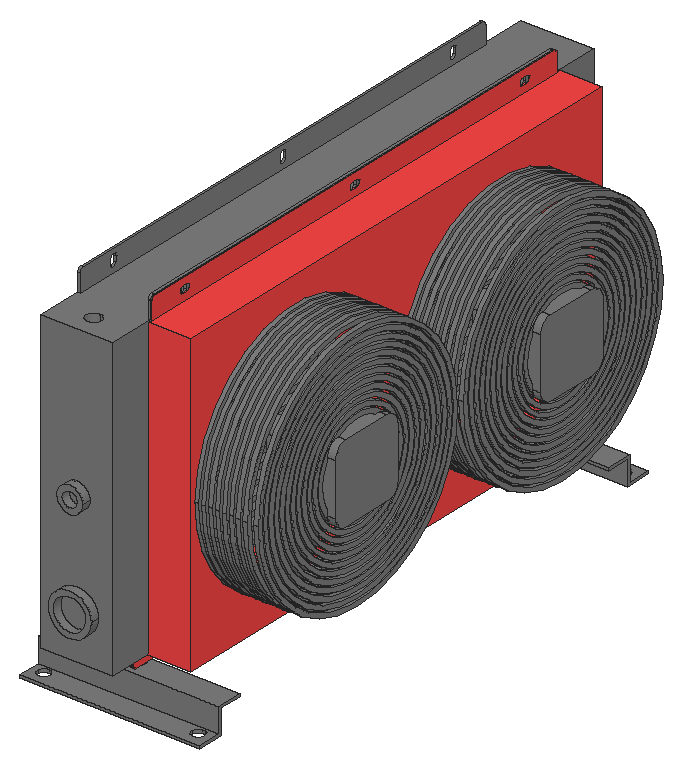
Revit family "MIT-A18Y-01", category Specialty Equipment, Revit 2022
Family settings
  Round Connector Dimension = Use Radius
  Part Type = Normal
  Work Plane-Based = No
  Always vertical = Yes
  Cut with Voids When Loaded = No
  Maintain Annotation Orientation = No
  Shared = No
  Room Calculation Point = No
Parameters
  URL = "https://en.ekinendustriyel.com/fan-driven-oil-coolers"
  Model = "MIT-A18Y-01"
  Manufacturer = "Ekin Endüstriyel"
  Keynote = "Fan Driven Oil Coolers"
  Description = "MIT- Fan Driven Oil Coolers"
  Default Elevation = 0 mm
Reference planes
  plane 1 "Center (Front/Back)": y = 0
  plane 2: z = 0
  plane 3 "Center (Left/Right)": x = 0
Forms (mm)
  Extrusion 1, solid, material "Ekin Endustriyel-S235JR", detail levels medium+fine
    sketch origin (0, -0.99, 0) x (0, 1, 0) y (0, 0, 1)
      loop
        line (350.992, 404.696) -> (-349.008, 404.696) -> (-349.008, 56.696) -> (350.992, 56.696) -> (350.992, 404.696)
      loop
        line (295.992, 390.196) -> (-294.008, 390.196) -> (-294.008, 380.196) -> (295.992, 380.196) -> (295.992, 390.196)
      loop
        line (-294.008, 375.196) -> (-294.008, 365.196) -> (295.992, 365.196) -> (295.992, 375.196) -> (-294.008, 375.196)
      loop
        line (-294.008, 360.196) -> (-294.008, 350.196) -> (295.992, 350.196) -> (295.992, 360.196) -> (-294.008, 360.196)
      loop
        line (-294.008, 345.196) -> (-294.008, 335.196) -> (295.992, 335.196) -> (295.992, 345.196) -> (-294.008, 345.196)
      loop
        line (295.992, 330.196) -> (-294.008, 330.196) -> (-294.008, 320.196) -> (295.992, 320.196) -> (295.992, 330.196)
      loop
        line (-294.008, 315.196) -> (-294.008, 305.196) -> (295.992, 305.196) -> (295.992, 315.196) -> (-294.008, 315.196)
      loop
        line (-294.008, 300.196) -> (-294.008, 290.196) -> (295.992, 290.196) -> (295.992, 300.196) -> (-294.008, 300.196)
      loop
        line (-294.008, 284.196) -> (-294.008, 274.196) -> (295.992, 274.196) -> (295.992, 284.196) -> (-294.008, 284.196)
      loop
        line (295.992, 269.196) -> (-294.008, 269.196) -> (-294.008, 259.196) -> (295.992, 259.196) -> (295.992, 269.196)
      loop
        line (-294.008, 254.196) -> (-294.008, 244.196) -> (295.992, 244.196) -> (295.992, 254.196) -> (-294.008, 254.196)
      loop
        line (-294.008, 239.196) -> (-294.008, 229.196) -> (295.992, 229.196) -> (295.992, 239.196) -> (-294.008, 239.196)
      loop
        line (-294.008, 224.196) -> (-294.008, 214.196) -> (295.992, 214.196) -> (295.992, 224.196) -> (-294.008, 224.196)
      loop
        line (295.992, 209.196) -> (-294.008, 209.196) -> (-294.008, 199.196) -> (295.992, 199.196) -> (295.992, 209.196)
      loop
        line (-294.008, 194.196) -> (-294.008, 184.196) -> (295.992, 184.196) -> (295.992, 194.196) -> (-294.008, 194.196)
      loop
        line (-294.008, 179.196) -> (-294.008, 169.196) -> (295.992, 169.196) -> (295.992, 179.196) -> (-294.008, 179.196)
      loop
        line (-294.008, 164.196) -> (-294.008, 154.196) -> (295.992, 154.196) -> (295.992, 164.196) -> (-294.008, 164.196)
      loop
        line (295.992, 149.196) -> (-294.008, 149.196) -> (-294.008, 139.196) -> (295.992, 139.196) -> (295.992, 149.196)
      loop
        line (-294.008, 134.196) -> (-294.008, 124.196) -> (295.992, 124.196) -> (295.992, 134.196) -> (-294.008, 134.196)
      loop
        line (-294.008, 119.196) -> (-294.008, 109.196) -> (295.992, 109.196) -> (295.992, 119.196) -> (-294.008, 119.196)
      loop
        line (-294.008, 104.196) -> (-294.008, 94.196) -> (295.992, 94.196) -> (295.992, 104.196) -> (-294.008, 104.196)
      loop
        line (295.992, 89.196) -> (-294.008, 89.196) -> (-294.008, 79.196) -> (295.992, 79.196) -> (295.992, 89.196)
      loop
        line (-294.008, 74.196) -> (-294.008, 64.196) -> (295.992, 64.196) -> (295.992, 74.196) -> (-294.008, 74.196)
    from 0 to 85
  Extrusion 2, solid, material "Ekin Endustriyel-S235JR", detail levels medium+fine
    sketch origin (0, 238.02, 106.089) x (1, 0, 0) y (0, 0, 1)
      loop
        circle (42.5, 243.108) r 18.847
      loop
        arc (19.235, 252.26) -> (32.375, 220.25) -> (64.91, 232.027) r 25
        arc (64.91, 232.027) -> (52.625, 265.966) -> (19.235, 252.26) r 25
    from -111.982 to -121.982
  Extrusion 3, solid, material "Ekin Endustriyel-S235JR", detail levels medium+fine
    sketch origin (0, -79.551, 1.514) x (1, 0, 0) y (0, 0, 1)
      loop
        circle (42.5, 109.182) r 18.847
      loop
        circle (42.5, 109.182) r 25
    from 270.447 to 280.447
  Extrusion 4, solid, material "Ekin Endustriyel_S235JR", detail levels medium+fine
    sketch origin (0, 0, 0) x (0, 1, 0) y (0, 0, 1)
      loop
        line (-299.998, 56.696) -> (300.002, 56.696) -> (300.002, 404.696) -> (-299.998, 404.696) -> (-299.998, 56.696)
      loop
        circle (-149.498, 230.696) r 130
      loop
        circle (149.502, 230.696) r 130
    from 85 to 135
  Extrusion 5, solid, material "Ekin Endustriyel_S235JR", detail levels medium+fine
    sketch origin (61.704, 0, 61.923) x (0, 1, 0) y (0, 0, 1)
      loop
        line (-295, 342.774) -> (295, 342.774) -> (295, 362.774)
        arc (295, 362.774) -> (293.536, 366.309) -> (290, 367.774) r 5
        line (290, 367.774) -> (-290, 367.774)
        arc (-290, 367.774) -> (-293.536, 366.309) -> (-295, 362.774) r 5
        line (-295, 362.774) -> (-295, 342.774)
      loop
        arc (-250.5, 359.774) -> (-255, 355.274) -> (-250.5, 350.774) r 4.5
        line (-250.5, 350.774) -> (-244.5, 350.774)
        arc (-244.5, 350.774) -> (-240, 355.274) -> (-244.5, 359.774) r 4.5
        line (-244.5, 359.774) -> (-250.5, 359.774)
      loop
        arc (244.5, 359.774) -> (240, 355.274) -> (244.5, 350.774) r 4.5
        line (244.5, 350.774) -> (250.5, 350.774)
        arc (250.5, 350.774) -> (255, 355.274) -> (250.5, 359.774) r 4.5
        line (250.5, 359.774) -> (244.5, 359.774)
      loop
        arc (-3, 359.774) -> (-7.5, 355.274) -> (-3, 350.774) r 4.5
        line (-3, 350.774) -> (3, 350.774)
        arc (3, 350.774) -> (7.5, 355.274) -> (3, 359.774) r 4.5
        line (3, 359.774) -> (-3, 359.774)
    from 23.296 to 24.796
  Sweep 6, solid, material "Ekin Endustriyel-S235JR", detail levels fine
    path origin (0, 223.927, 0) x (0, -1, 0) y (0, 0, -1)
      loop
        line (-44.575, -28.696) -> (-72.243, -28.696) -> (-72.243, 0.037) -> (-102.308, 0.037)
    profile origin (0, 282.336, 28.696) x (0, 0, 1) y (1, 0, 0)
      loop
        line (0, -42.483) -> (2.995, -42.483) -> (2.995, 167.517) -> (0, 167.517) -> (0, -42.483)
  Extrusion 7, void
    sketch origin (0, 223.882, 0) x (1, 0, 0) y (0, 1, 0)
      loop
        circle (152.491, 86.368) r 7.5
      loop
        circle (-27.5, 86.317) r 7.5
      loop
        circle (62.485, 56.137) r 4.2
      loop
        circle (22.5, 56.12) r 4.25
    from -5.013 to 37.897
  Extrusion 8, solid, material "Ekin Endustriyel-S235JR", detail levels fine
    sketch origin (0, 139.233, 0) x (1, 0, 0) y (0, 0, 1)
      loop
        line (3, 31.691) -> (60, 31.691) -> (60, 56.696) -> (3, 56.696) -> (3, 31.691)
    from -150.769 to -130.769
  Extrusion 9, solid, material "Ekin Endustriyel-S235JR", detail levels coarse
    sketch origin (0, 0, 0) x (0, 1, 0) y (0, 0, 1)
      loop
        line (350.002, 404.696) -> (-349.998, 404.696) -> (-349.998, 56.696) -> (-295, 56.696) -> (-295, 0) -> (295, 0) -> (295, 53.158) -> (350.002, 53.158) -> (350.002, 404.696)
    from 0 to 85
  Extrusion 10, solid, material "Ekin Endustriyel_S235JR", detail levels coarse
    sketch origin (0, 0, 0) x (0, 1, 0) y (0, 0, 1)
      loop
        line (-299.998, 404.696) -> (-299.998, 56.696) -> (300.002, 56.696) -> (300.002, 404.696) -> (-299.998, 404.696)
    from 85 to 132
  Extrusion 11, void
    sketch origin (0, -384.357, 392.206) x (1, 0, 0) y (0, 1, 0)
      loop
        circle (42.5, 59.359) r 8.928
    from -2.01 to 23.771
  Extrusion 12, solid, material "Ekin Endustriyel-S235JR"
    sketch origin (0, 0, 0) x (0, 1, 0) y (0, 0, 1)
      loop
        arc (-179.494, 275.745) -> (-190.1, 271.352) -> (-194.494, 260.745) r 15
        line (-194.494, 260.745) -> (-194.494, 200.736)
        arc (-194.494, 200.736) -> (-190.1, 190.13) -> (-179.494, 185.736) r 15
        line (-179.494, 185.736) -> (-119.552, 185.736)
        arc (-119.552, 185.736) -> (-108.946, 190.13) -> (-104.552, 200.736) r 15
        line (-104.552, 200.736) -> (-104.552, 260.745)
        arc (-104.552, 260.745) -> (-108.946, 271.352) -> (-119.552, 275.745) r 15
        line (-119.552, 275.745) -> (-179.494, 275.745)
      loop
        line (179.494, 275.745) -> (119.552, 275.745)
        arc (119.552, 275.745) -> (108.946, 271.352) -> (104.552, 260.745) r 15
        line (104.552, 260.745) -> (104.552, 200.736)
        arc (104.552, 200.736) -> (108.946, 190.13) -> (119.552, 185.736) r 15
        line (119.552, 185.736) -> (179.494, 185.736)
        arc (179.494, 185.736) -> (190.1, 190.13) -> (194.494, 200.736) r 15
        line (194.494, 200.736) -> (194.494, 260.745)
        arc (194.494, 260.745) -> (190.1, 271.352) -> (179.494, 275.745) r 15
    from 140.096 to 220.006
  Extrusion 13, solid, material "Ekin Endustriyel-S235JR", detail levels fine
    sketch origin (0, 0, 59.372) x (0, 1, 0) y (0, 0, 1)
      loop
        line (295.002, 345.324) -> (295.002, 365.324)
        arc (295.002, 365.324) -> (293.538, 368.86) -> (290.002, 370.324) r 5
        line (290.002, 370.324) -> (-289.998, 370.324)
        arc (-289.998, 370.324) -> (-293.533, 368.86) -> (-294.998, 365.324) r 5
        line (-294.998, 365.324) -> (-294.998, 345.324) -> (295.002, 345.324)
      loop
        line (243.002, 360.824) -> (243.002, 354.824)
        arc (243.002, 354.824) -> (247.502, 350.324) -> (252.002, 354.824) r 4.5
        line (252.002, 354.824) -> (252.002, 360.824)
        arc (252.002, 360.824) -> (247.502, 365.324) -> (243.002, 360.824) r 4.5
      loop
        arc (-4.498, 354.824) -> (0.002, 350.324) -> (4.502, 354.824) r 4.5
        line (4.502, 354.824) -> (4.502, 360.824)
        arc (4.502, 360.824) -> (0.002, 365.324) -> (-4.498, 360.824) r 4.5
        line (-4.498, 360.824) -> (-4.498, 354.824)
      loop
        line (-251.998, 360.824) -> (-251.998, 354.824)
        arc (-251.998, 354.824) -> (-247.498, 350.324) -> (-242.998, 354.824) r 4.5
        line (-242.998, 354.824) -> (-242.998, 360.824)
        arc (-242.998, 360.824) -> (-247.498, 365.324) -> (-251.998, 360.824) r 4.5
    from 0 to 3
  Extrusion 14, solid, material "Ekin Endustriyel-S235JR", detail levels fine
    sketch origin (0, 0, 333.802) x (0, 1, 0) y (0, 0, 1)
      loop
        line (295.002, -277.106) -> (-294.998, -277.106) -> (-294.998, -297.106)
        arc (-294.998, -297.106) -> (-293.533, -300.641) -> (-289.998, -302.106) r 5
        line (-289.998, -302.106) -> (290.002, -302.106)
        arc (290.002, -302.106) -> (293.538, -300.641) -> (295.002, -297.106) r 5
        line (295.002, -297.106) -> (295.002, -277.106)
      loop
        arc (252.002, -286.606) -> (247.502, -282.106) -> (243.002, -286.606) r 4.5
        line (243.002, -286.606) -> (243.002, -292.606)
        arc (243.002, -292.606) -> (247.502, -297.106) -> (252.002, -292.606) r 4.5
        line (252.002, -292.606) -> (252.002, -286.606)
      loop
        arc (-242.998, -286.606) -> (-247.498, -282.106) -> (-251.998, -286.606) r 4.5
        line (-251.998, -286.606) -> (-251.998, -292.606)
        arc (-251.998, -292.606) -> (-247.498, -297.106) -> (-242.998, -292.606) r 4.5
        line (-242.998, -292.606) -> (-242.998, -286.606)
      loop
        arc (4.502, -286.606) -> (0.002, -282.106) -> (-4.498, -286.606) r 4.5
        line (-4.498, -286.606) -> (-4.498, -292.606)
        arc (-4.498, -292.606) -> (0.002, -297.106) -> (4.502, -292.606) r 4.5
        line (4.502, -292.606) -> (4.502, -286.606)
    from 0 to 3
  Extrusion 15, solid, material "Ekin Endustriyel-S235JR", detail levels medium+fine
    sketch origin (-21.526, 0, 0) x (0, 1, 0) y (0, 0, 1)
      loop
        circle (-149.498, 230.602) r 129
      loop
        arc (-25.503, 229.517) -> (-149.06, 354.696) -> (-273.498, 230.394) r 124
        arc (-273.498, 230.394) -> (-149.936, 106.697) -> (-25.503, 229.517) r 124
      loop
        arc (-17.505, 232.077) -> (-150.361, 362.694) -> (-281.497, 230.351) r 132
        arc (-281.497, 230.351) -> (-148.635, 98.699) -> (-17.505, 232.077) r 132
      loop
        arc (-28.507, 229.238) -> (-147.843, 351.685) -> (-270.484, 232.547) r 121
        arc (-270.484, 232.547) -> (-151.152, 109.708) -> (-28.507, 229.238) r 121
      loop
        arc (-33.503, 229.565) -> (-148.882, 346.695) -> (-265.498, 230.798) r 116
        arc (-265.498, 230.798) -> (-150.114, 114.698) -> (-33.503, 229.565) r 116
      loop
        arc (-12.5, 231.448) -> (-150.061, 367.695) -> (-286.497, 230.321) r 137
        arc (-286.497, 230.321) -> (-148.934, 93.698) -> (-12.5, 231.448) r 137
      loop
        circle (-149.497, 230.653) r 140
      loop
        arc (-36.502, 231.672) -> (-149.113, 343.696) -> (-262.484, 232.443) r 113
        arc (-262.484, 232.443) -> (-149.883, 117.697) -> (-36.502, 231.672) r 113
      loop
        arc (-4.502, 231.787) -> (-149.177, 375.696) -> (-294.488, 232.428) r 145
        arc (-294.488, 232.428) -> (-149.818, 85.697) -> (-4.502, 231.787) r 145
      loop
        arc (-41.521, 232.925) -> (-149.881, 338.696) -> (-257.488, 232.159) r 108
        arc (-257.488, 232.159) -> (-149.115, 122.697) -> (-41.521, 232.925) r 108
      loop
        arc (-44.571, 234.606) -> (-151.593, 335.676) -> (-254.498, 230.417) r 105
        arc (-254.498, 230.417) -> (-147.403, 125.717) -> (-44.571, 234.606) r 105
      loop
        arc (-49.517, 232.635) -> (-150.782, 330.688) -> (-249.496, 230.067) r 100
        arc (-249.496, 230.067) -> (-148.213, 130.705) -> (-49.517, 232.635) r 100
      loop
        arc (-52.508, 232.081) -> (-149.983, 327.695) -> (-246.497, 231.11) r 97
        arc (-246.497, 231.11) -> (-149.012, 133.698) -> (-52.508, 232.081) r 97
      loop
        arc (-57.507, 231.972) -> (-150.113, 322.694) -> (-241.498, 230.743) r 92
        arc (-241.498, 230.743) -> (-148.883, 138.698) -> (-57.507, 231.972) r 92
      loop
        arc (-60.501, 231.382) -> (-149.434, 319.696) -> (-238.494, 231.51) r 89
        arc (-238.494, 231.51) -> (-149.562, 141.696) -> (-60.501, 231.382) r 89
      loop
        arc (-65.536, 233.213) -> (-149.194, 314.696) -> (-233.44, 233.821) r 84
        arc (-233.44, 233.821) -> (-149.802, 146.697) -> (-65.536, 233.213) r 84
      loop
        arc (-68.505, 231.788) -> (-149.849, 311.696) -> (-230.497, 231.086) r 81
        arc (-230.497, 231.086) -> (-149.147, 149.697) -> (-68.505, 231.788) r 81
      loop
        arc (-73.5, 231.279) -> (-148.488, 306.69) -> (-225.453, 233.299) r 76
        arc (-225.453, 233.299) -> (-150.508, 154.703) -> (-73.5, 231.279) r 76
      loop
        arc (-76.5, 231.21) -> (-148.45, 303.689) -> (-222.451, 233.305) r 73
        arc (-222.451, 233.305) -> (-150.546, 157.704) -> (-76.5, 231.21) r 73
      loop
        arc (-81.51, 229.421) -> (-148.851, 298.693) -> (-217.498, 230.714) r 68
        arc (-217.498, 230.714) -> (-150.144, 162.699) -> (-81.51, 229.421) r 68
      loop
        arc (-84.508, 229.548) -> (-149.494, 295.696) -> (-214.488, 229.556) r 65
        arc (-214.488, 229.556) -> (-149.502, 165.696) -> (-84.508, 229.548) r 65
      loop
        arc (-89.528, 228.788) -> (-148.564, 290.689) -> (-209.498, 230.656) r 60
        arc (-209.498, 230.656) -> (-150.432, 170.704) -> (-89.528, 228.788) r 60
      loop
        arc (-92.498, 230.559) -> (-148.341, 287.685) -> (-206.456, 232.873) r 57
        arc (-206.456, 232.873) -> (-150.655, 173.708) -> (-92.498, 230.559) r 57
      loop
        arc (-97.517, 229.303) -> (-147.89, 282.672) -> (-201.466, 232.518) r 52
        arc (-201.466, 232.518) -> (-151.105, 178.721) -> (-97.517, 229.303) r 52
      loop
        circle (149.498, 230.602) r 129
      loop
        arc (25.503, 229.517) -> (149.936, 106.697) -> (273.498, 230.394) r 124
        arc (273.498, 230.394) -> (149.06, 354.696) -> (25.503, 229.517) r 124
      loop
        arc (17.505, 232.077) -> (148.635, 98.699) -> (281.497, 230.351) r 132
        arc (281.497, 230.351) -> (150.361, 362.694) -> (17.505, 232.077) r 132
      loop
        arc (28.507, 229.238) -> (151.152, 109.708) -> (270.484, 232.547) r 121
        arc (270.484, 232.547) -> (147.843, 351.685) -> (28.507, 229.238) r 121
      loop
        arc (33.503, 229.565) -> (150.114, 114.698) -> (265.498, 230.798) r 116
        arc (265.498, 230.798) -> (148.882, 346.695) -> (33.503, 229.565) r 116
      loop
        arc (12.5, 231.448) -> (148.934, 93.698) -> (286.497, 230.321) r 137
        arc (286.497, 230.321) -> (150.061, 367.695) -> (12.5, 231.448) r 137
      loop
        circle (149.497, 230.653) r 140
      loop
        arc (36.502, 231.672) -> (149.883, 117.697) -> (262.484, 232.443) r 113
        arc (262.484, 232.443) -> (149.113, 343.696) -> (36.502, 231.672) r 113
      loop
        arc (4.502, 231.787) -> (149.818, 85.697) -> (294.488, 232.428) r 145
        arc (294.488, 232.428) -> (149.177, 375.696) -> (4.502, 231.787) r 145
      loop
        arc (41.521, 232.925) -> (149.115, 122.697) -> (257.488, 232.159) r 108
        arc (257.488, 232.159) -> (149.881, 338.696) -> (41.521, 232.925) r 108
      loop
        arc (44.571, 234.606) -> (147.403, 125.717) -> (254.498, 230.417) r 105
        arc (254.498, 230.417) -> (151.593, 335.676) -> (44.571, 234.606) r 105
      loop
        arc (49.517, 232.635) -> (148.213, 130.705) -> (249.496, 230.067) r 100
        arc (249.496, 230.067) -> (150.782, 330.688) -> (49.517, 232.635) r 100
      loop
        arc (52.508, 232.081) -> (149.012, 133.698) -> (246.497, 231.11) r 97
        arc (246.497, 231.11) -> (149.983, 327.695) -> (52.508, 232.081) r 97
      loop
        arc (57.507, 231.972) -> (148.883, 138.698) -> (241.498, 230.743) r 92
        arc (241.498, 230.743) -> (150.113, 322.694) -> (57.507, 231.972) r 92
      loop
        arc (60.501, 231.382) -> (149.562, 141.696) -> (238.494, 231.51) r 89
        arc (238.494, 231.51) -> (149.434, 319.696) -> (60.501, 231.382) r 89
      loop
        arc (65.536, 233.213) -> (149.802, 146.697) -> (233.44, 233.821) r 84
        arc (233.44, 233.821) -> (149.194, 314.696) -> (65.536, 233.213) r 84
      loop
        arc (68.505, 231.788) -> (149.147, 149.697) -> (230.497, 231.086) r 81
        arc (230.497, 231.086) -> (149.849, 311.696) -> (68.505, 231.788) r 81
      loop
        arc (73.5, 231.279) -> (150.508, 154.703) -> (225.453, 233.299) r 76
        arc (225.453, 233.299) -> (148.488, 306.69) -> (73.5, 231.279) r 76
      loop
        arc (76.5, 231.21) -> (150.546, 157.704) -> (222.451, 233.305) r 73
        arc (222.451, 233.305) -> (148.45, 303.689) -> (76.5, 231.21) r 73
      loop
        arc (81.51, 229.421) -> (150.144, 162.699) -> (217.498, 230.714) r 68
        arc (217.498, 230.714) -> (148.851, 298.693) -> (81.51, 229.421) r 68
      loop
        arc (84.508, 229.548) -> (149.502, 165.696) -> (214.488, 229.556) r 65
        arc (214.488, 229.556) -> (149.494, 295.696) -> (84.508, 229.548) r 65
      loop
        arc (89.528, 228.788) -> (150.432, 170.704) -> (209.498, 230.656) r 60
        arc (209.498, 230.656) -> (148.564, 290.689) -> (89.528, 228.788) r 60
      loop
        arc (92.498, 230.559) -> (150.655, 173.708) -> (206.456, 232.873) r 57
        arc (206.456, 232.873) -> (148.341, 287.685) -> (92.498, 230.559) r 57
      loop
        arc (97.517, 229.303) -> (151.105, 178.721) -> (201.466, 232.518) r 52
        arc (201.466, 232.518) -> (147.89, 282.672) -> (97.517, 229.303) r 52
    from 226.399 to 231.318
  Extrusion 16, solid, material "Ekin Endustriyel-S235JR", detail levels coarse
    sketch origin (0, 0, 0) x (0, 1, 0) y (0, 0, 1)
      loop
        circle (-149.498, 230.696) r 145
      loop
        circle (149.498, 230.696) r 145
    from 132 to 220.006
  Extrusion 17, solid, material "Ekin Endustriyel-S235JR", detail levels fine
    sketch origin (60, 0, 59.372) x (0, 1, 0) y (0, 0, 1)
      loop
        line (295.002, 345.324) -> (295.002, 365.324)
        arc (295.002, 365.324) -> (293.538, 368.86) -> (290.002, 370.324) r 5
        line (290.002, 370.324) -> (-289.998, 370.324)
        arc (-289.998, 370.324) -> (-293.533, 368.86) -> (-294.998, 365.324) r 5
        line (-294.998, 365.324) -> (-294.998, 345.324) -> (295.002, 345.324)
      loop
        line (243.002, 360.824) -> (243.002, 354.824)
        arc (243.002, 354.824) -> (247.502, 350.324) -> (252.002, 354.824) r 4.5
        line (252.002, 354.824) -> (252.002, 360.824)
        arc (252.002, 360.824) -> (247.502, 365.324) -> (243.002, 360.824) r 4.5
      loop
        arc (-4.498, 354.824) -> (0.002, 350.324) -> (4.502, 354.824) r 4.5
        line (4.502, 354.824) -> (4.502, 360.824)
        arc (4.502, 360.824) -> (0.002, 365.324) -> (-4.498, 360.824) r 4.5
        line (-4.498, 360.824) -> (-4.498, 354.824)
      loop
        line (-251.998, 360.824) -> (-251.998, 354.824)
        arc (-251.998, 354.824) -> (-247.498, 350.324) -> (-242.998, 354.824) r 4.5
        line (-242.998, 354.824) -> (-242.998, 360.824)
        arc (-242.998, 360.824) -> (-247.498, 365.324) -> (-251.998, 360.824) r 4.5
    from 22 to 25
  Extrusion 18, solid, material "Ekin Endustriyel-S235JR", detail levels fine
    sketch origin (60, 0, 333.802) x (0, 1, 0) y (0, 0, 1)
      loop
        line (295.002, -277.106) -> (-294.998, -277.106) -> (-294.998, -297.106)
        arc (-294.998, -297.106) -> (-293.533, -300.641) -> (-289.998, -302.106) r 5
        line (-289.998, -302.106) -> (290.002, -302.106)
        arc (290.002, -302.106) -> (293.538, -300.641) -> (295.002, -297.106) r 5
        line (295.002, -297.106) -> (295.002, -277.106)
      loop
        arc (252.002, -286.606) -> (247.502, -282.106) -> (243.002, -286.606) r 4.5
        line (243.002, -286.606) -> (243.002, -292.606)
        arc (243.002, -292.606) -> (247.502, -297.106) -> (252.002, -292.606) r 4.5
        line (252.002, -292.606) -> (252.002, -286.606)
      loop
        arc (-242.998, -286.606) -> (-247.498, -282.106) -> (-251.998, -286.606) r 4.5
        line (-251.998, -286.606) -> (-251.998, -292.606)
        arc (-251.998, -292.606) -> (-247.498, -297.106) -> (-242.998, -292.606) r 4.5
        line (-242.998, -292.606) -> (-242.998, -286.606)
      loop
        line (-4.498, -286.606) -> (-4.498, -292.606)
        arc (-4.498, -292.606) -> (0.002, -297.106) -> (4.502, -292.606) r 4.5
        line (4.502, -292.606) -> (4.502, -286.606)
        arc (4.502, -286.606) -> (0.002, -282.106) -> (-4.498, -286.606) r 4.5
    from 0 to 3
  Extrusion 19, solid, material "Ekin Endustriyel-S235JR", detail levels fine
    sketch origin (0, -133.751, 0) x (1, 0, 0) y (0, 0, 1)
      loop
        line (3, 31.696) -> (60, 31.696) -> (60, 56.696) -> (3, 56.696) -> (3, 31.696)
    from 136.247 to 156.247
  Extrusion 20, solid, material "Ekin Endustriyel_S235JR", detail levels medium+fine
    sketch origin (61.704, 0, 334.165) x (0, 1, 0) y (0, 0, 1)
      loop
        line (-294.998, -277.469) -> (-294.998, -297.469)
        arc (-294.998, -297.469) -> (-293.533, -301.004) -> (-289.998, -302.469) r 5
        line (-289.998, -302.469) -> (290.002, -302.469)
        arc (290.002, -302.469) -> (293.538, -301.004) -> (295.002, -297.469) r 5
        line (295.002, -297.469) -> (295.002, -277.469) -> (-294.998, -277.469)
      loop
        line (-250.5, -294.469) -> (-244.5, -294.469)
        arc (-244.5, -294.469) -> (-240, -289.969) -> (-244.5, -285.469) r 4.5
        line (-244.5, -285.469) -> (-250.5, -285.469)
        arc (-250.5, -285.469) -> (-255, -289.969) -> (-250.5, -294.469) r 4.5
      loop
        line (244.5, -294.469) -> (250.5, -294.469)
        arc (250.5, -294.469) -> (255, -289.969) -> (250.5, -285.469) r 4.5
        line (250.5, -285.469) -> (244.5, -285.469)
        arc (244.5, -285.469) -> (240, -289.969) -> (244.5, -294.469) r 4.5
      loop
        line (3, -285.469) -> (-3, -285.469)
        arc (-3, -285.469) -> (-7.5, -289.969) -> (-3, -294.469) r 4.5
        line (-3, -294.469) -> (3, -294.469)
        arc (3, -294.469) -> (7.5, -289.969) -> (3, -285.469) r 4.5
    from 1.5 to 2.796
  Extrusion 21, solid, material "Ekin Endustriyel-S235JR", detail levels medium+fine
    sketch origin (0, -79.551, 191.398) x (1, 0, 0) y (0, 0, 1)
      loop
        circle (42.5, 39.298) r 8.928
      loop
        circle (42.5, 39.298) r 15
    from 270.447 to 280.447
  Sweep 22, solid, material "Ekin Endustriyel-S235JR", detail levels fine
    path origin (0, -223.927, 0) x (0, 1, 0) y (0, 0, 1)
      loop
        line (-44.575, 28.696) -> (-72.243, 28.696) -> (-72.243, -0.037) -> (-102.308, -0.037)
    profile origin (0, -282.336, 28.696) x (0, 0, -1) y (1, 0, 0)
      loop
        line (0, -42.483) -> (0, 167.517) -> (-2.995, 167.517) -> (-2.995, -42.483) -> (0, -42.483)
  Extrusion 23, void
    sketch origin (0, -223.882, 0) x (1, 0, 0) y (0, 1, 0)
      loop
        circle (152.491, -86.368) r 7.5
      loop
        circle (-27.5, -86.317) r 7.5
      loop
        circle (62.485, -56.137) r 4.2
      loop
        circle (22.5, -56.12) r 4.25
    from -5.013 to 37.897
  Extrusion 24, solid, material "Ekin Endustriyel-S235JR", detail levels medium+fine
    sketch origin (-34.347, 0, 0) x (0, 1, 0) y (0, 0, 1)
      loop
        circle (-149.497, 230.653) r 140
      loop
        arc (-4.502, 231.787) -> (-149.177, 375.696) -> (-294.488, 232.428) r 145
        arc (-294.488, 232.428) -> (-149.818, 85.697) -> (-4.502, 231.787) r 145
      loop
        circle (149.497, 230.653) r 140
      loop
        arc (4.502, 231.787) -> (149.818, 85.697) -> (294.488, 232.428) r 145
        arc (294.488, 232.428) -> (149.177, 375.696) -> (4.502, 231.787) r 145
    from 226.399 to 231.318
  Extrusion 25, solid, material "Ekin Endustriyel-S235JR", detail levels medium+fine
    sketch origin (-42.349, 0, 0) x (0, 1, 0) y (0, 0, 1)
      loop
        circle (-149.497, 230.653) r 140
      loop
        arc (-4.502, 231.787) -> (-149.177, 375.696) -> (-294.488, 232.428) r 145
        arc (-294.488, 232.428) -> (-149.818, 85.697) -> (-4.502, 231.787) r 145
      loop
        circle (149.497, 230.653) r 140
      loop
        arc (4.502, 231.787) -> (149.818, 85.697) -> (294.488, 232.428) r 145
        arc (294.488, 232.428) -> (149.177, 375.696) -> (4.502, 231.787) r 145
    from 226.399 to 231.318
  Extrusion 26, solid, material "Ekin Endustriyel-S235JR", detail levels medium+fine
    sketch origin (-50.35, 0, 0) x (0, 1, 0) y (0, 0, 1)
      loop
        circle (-149.497, 230.653) r 140
      loop
        arc (-4.502, 231.787) -> (-149.177, 375.696) -> (-294.488, 232.428) r 145
        arc (-294.488, 232.428) -> (-149.818, 85.697) -> (-4.502, 231.787) r 145
      loop
        circle (149.497, 230.653) r 140
      loop
        arc (4.502, 231.787) -> (149.818, 85.697) -> (294.488, 232.428) r 145
        arc (294.488, 232.428) -> (149.177, 375.696) -> (4.502, 231.787) r 145
    from 226.399 to 231.318
  Extrusion 27, solid, material "Ekin Endustriyel-S235JR", detail levels medium+fine
    sketch origin (-58.352, 0, 0) x (0, 1, 0) y (0, 0, 1)
      loop
        circle (-149.497, 230.653) r 140
      loop
        arc (-4.502, 231.787) -> (-149.177, 375.696) -> (-294.488, 232.428) r 145
        arc (-294.488, 232.428) -> (-149.818, 85.697) -> (-4.502, 231.787) r 145
      loop
        circle (149.497, 230.653) r 140
      loop
        arc (4.502, 231.787) -> (149.818, 85.697) -> (294.488, 232.428) r 145
        arc (294.488, 232.428) -> (149.177, 375.696) -> (4.502, 231.787) r 145
    from 226.399 to 231.318
  Extrusion 28, solid, material "Ekin Endustriyel-S235JR", detail levels medium+fine
    sketch origin (-66.353, 0, 0) x (0, 1, 0) y (0, 0, 1)
      loop
        circle (-149.497, 230.653) r 140
      loop
        arc (-4.502, 231.787) -> (-149.177, 375.696) -> (-294.488, 232.428) r 145
        arc (-294.488, 232.428) -> (-149.818, 85.697) -> (-4.502, 231.787) r 145
      loop
        circle (149.497, 230.653) r 140
      loop
        arc (4.502, 231.787) -> (149.818, 85.697) -> (294.488, 232.428) r 145
        arc (294.488, 232.428) -> (149.177, 375.696) -> (4.502, 231.787) r 145
    from 226.399 to 231.318
  Extrusion 29, solid, material "Ekin Endustriyel-S235JR", detail levels medium+fine
    sketch origin (-74.355, 0, 0) x (0, 1, 0) y (0, 0, 1)
      loop
        circle (-149.497, 230.653) r 140
      loop
        arc (-4.502, 231.787) -> (-149.177, 375.696) -> (-294.488, 232.428) r 145
        arc (-294.488, 232.428) -> (-149.818, 85.697) -> (-4.502, 231.787) r 145
      loop
        circle (149.497, 230.653) r 140
      loop
        arc (4.502, 231.787) -> (149.818, 85.697) -> (294.488, 232.428) r 145
        arc (294.488, 232.428) -> (149.177, 375.696) -> (4.502, 231.787) r 145
    from 226.399 to 231.318
  Extrusion 30, solid, material "Ekin Endustriyel-S235JR", detail levels medium+fine
    sketch origin (-82.356, 0, 0) x (0, 1, 0) y (0, 0, 1)
      loop
        circle (-149.497, 230.653) r 140
      loop
        arc (-4.502, 231.787) -> (-149.177, 375.696) -> (-294.488, 232.428) r 145
        arc (-294.488, 232.428) -> (-149.818, 85.697) -> (-4.502, 231.787) r 145
      loop
        circle (149.497, 230.653) r 140
      loop
        arc (4.502, 231.787) -> (149.818, 85.697) -> (294.488, 232.428) r 145
        arc (294.488, 232.428) -> (149.177, 375.696) -> (4.502, 231.787) r 145
    from 226.399 to 231.318
  Extrusion 31, solid, material "Ekin Endustriyel-S235JR", detail levels medium+fine
    sketch origin (-90.358, 0, 0) x (0, 1, 0) y (0, 0, 1)
      loop
        circle (-149.497, 230.653) r 140
      loop
        arc (-4.502, 231.787) -> (-149.177, 375.696) -> (-294.488, 232.428) r 145
        arc (-294.488, 232.428) -> (-149.818, 85.697) -> (-4.502, 231.787) r 145
      loop
        circle (149.497, 230.653) r 140
      loop
        arc (4.502, 231.787) -> (149.818, 85.697) -> (294.488, 232.428) r 145
        arc (294.488, 232.428) -> (149.177, 375.696) -> (4.502, 231.787) r 145
    from 226.399 to 231.318
Cuts and joins
  Extrusion 7, Extrusion 23 cuts Sweep 6
  Extrusion 7, Extrusion 11 cuts Extrusion 1
  Extrusion 7 cuts Extrusion 2
  Extrusion 7 cuts Extrusion 3
  Extrusion 23 cuts Sweep 22
Dimensions and locks
  aligned and locked: level to plane 2
Connectors
  piping at (42.5, 360.002, 349.196), diameter 31.8
    settings: on cut or joined group of Extrusion 2, Extrusion 7, index 5, connector inside diameter 609.6 mm, connector length 0 mm, flow factor 0, pipe flow 0.0 L/s, pressure drop 0.0 Pa, fitting loss kfactor 0, connector angle 0.00°, fixture units 0, engagement length 0 mm, angle of deflection 0.00°, flow configuration 0, flow direction 0, fitting loss method 0, system type 7, joint type 0, gender type 0, connector reference index -1, connector utility 0, adjustable connector no, is connector primary yes, connector description ""
  piping at (42.5, -359.998, 110.696), diameter 31.8
    settings: on cut or joined group of Extrusion 3, Extrusion 7, index 6, connector inside diameter 609.6 mm, connector length 0 mm, flow factor 0, pipe flow 0.0 L/s, pressure drop 0.0 Pa, fitting loss kfactor 0, connector angle 0.00°, fixture units 0, engagement length 0 mm, angle of deflection 0.00°, flow configuration 0, flow direction 0, fitting loss method 0, system type 7, joint type 0, gender type 0, connector reference index -1, connector utility 0, adjustable connector no, is connector primary no, connector description ""
  piping at (42.5, -359.998, 230.696), diameter 12.8
    settings: on Extrusion 21, index 7, connector inside diameter 609.6 mm, connector length 0 mm, flow factor 0, pipe flow 0.0 L/s, pressure drop 0.0 Pa, fitting loss kfactor 0, connector angle 0.00°, fixture units 0, engagement length 0 mm, angle of deflection 0.00°, flow configuration 0, flow direction 0, fitting loss method 0, system type 7, joint type 0, gender type 0, connector reference index -1, connector utility 0, adjustable connector no, is connector primary no, connector description ""
  piping at (42.5, 0.002, 404.696), diameter 18
    settings: on cut or joined group of Extrusion 1, Extrusion 7, Extrusion 11, index 8, connector inside diameter 609.6 mm, connector length 0 mm, flow factor 0, pipe flow 0.0 L/s, pressure drop 0.0 Pa, fitting loss kfactor 0, connector angle 0.00°, fixture units 0, engagement length 0 mm, angle of deflection 0.00°, flow configuration 0, flow direction 0, fitting loss method 0, system type 7, joint type 0, gender type 0, connector reference index -1, connector utility 0, adjustable connector no, is connector primary no, connector description ""
